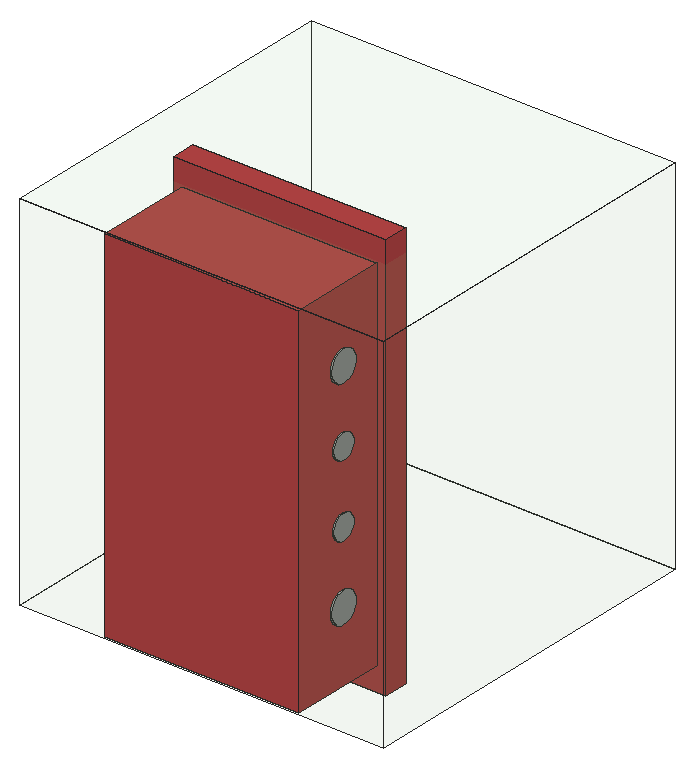
Revit family "ZETA_Коробка_Клемная_КМ 43-20_IP43", category Электрические приборы, Revit 2021
Family settings
  Сохранять ориентацию аннотаций = Нет
  Размер круглого соединителя = Использовать диаметр
  Тип детали = Нормальный
  На основе рабочей плоскости = Да
  Всегда вертикально = Нет
  При загрузке вырезать с полостями = Нет
  Общий = Нет
  Точка принадлежности помещению = Да
Parameters (values of type "43-20_IP43")
  УГО_Ширина = 10 mm
  УГО_Смещение_Х [instance] = 0 mm
  УГО_Смещение_Y [instance] = 0 mm
  УГО_Высота = 5 mm
  Температура эксплуатации = "от -40°С до +60°С"
  Сечение жил до = "4мм2"
  Сертификат = "RU C-RU.АД84.В.00192/20"
  Потолочное размещение [instance] = no
  Default Elevation = 1219.2 mm
  Описание = "Коробки клеммные соединительные КМ43 и КМ65 предназначены для\r\nсоединения и разветвления силовых электрических цепей и цепей КИПиА,\r\nвыполняемых контрольными и силовыми кабелями с алюминиевыми или медными\r\nжилами сечением 1,5-4мм2."
  Номинальный ток = "до 25A"
  Напряжение постоянного тока = "440 В"
  Напряжение переменного тока = "660 В"
  Крышка_Ширина = 160 mm
  Крышка_Длина = 190 mm
  Климатическое исполнение = "У3"
  Изготовитель = "АО «ЗЭТА»"  # constant formula
  Изготавливается по = "ТУ 27.33.13.120-047-99856433-2020"
  URL = "https://nzeta.ru/"
  D3 = 20 mm
  D2 = 32 mm
  D1 = 25 mm
  В_УГО_Смещение_У [instance] = УГО_Смещение_Y + 2000 mm  # 2000 mm
  В_УГО_Смещение_X [instance] = УГО_Смещение_Х + 2000 mm  # 2000 mm
  ADSK_Ток = 0 A
  ADSK_Степень защиты_IP = "IP43"
  ADSK_Размер_Ширина = 175 mm
  ADSK_Размер_УголПоворота [instance] = if(Потолочное размещение, -90.00°, 180.00°)  # 180.00°
  ADSK_Размер_Длина = 336 mm
  ADSK_Размер_Высота = 100 mm
  ADSK_Примечание [instance] = ""
  ADSK_Полная мощность = 0 VA
  ADSK_Позиция [instance] = ""
  ADSK_Обозначение = "KK"
  ADSK_Номинальная мощность = 0 W
  ADSK_Номер стояка = ""
  ADSK_Номер линии = 0
  ADSK_Напряжение = 230 V
  ADSK_Наименование краткое = "КМ 43-20"
  ADSK_Наименование = "Коробка монтажная КМ 43-20 У3 IP43  ступенчатый ПВХ ввод ГОФРОМАТИК"
  ADSK_Материал наименование = "Сталь оцинкованная"
  ADSK_Масса_Текст = "1,8"
  ADSK_Масса = 1.8
  ADSK_Марка = "КК КМ 43-20 У3 IP43"
  ADSK_Коэффициент мощности = 1
  ADSK_Количество фаз числовое = 1
  ADSK_Количество фаз = 1
  ADSK_Количество = 1
  ADSK_Код изделия = "zeta30339"
  ADSK_Классификация нагрузок = Прочее
  ADSK_Завод-изготовитель = "АО «ЗЭТА»"  # constant formula
  ADSK_Единица измерения = "шт"  # constant formula
  ADSK_Версия семейства = "v.1"  # constant formula
  ADSK_Версия Revit = "2021"
  ADSK_URL страницы изделия = "https://nzeta.ru/catalog/?q=zeta30339"
  ADSK_URL документации изделия = "https://nzeta.ru/upload/uf/b07/ez5fyhqcbw18x8xhi5tj16wjdpmgnels/passport.pdf"
Reference planes
  plane 1 "По центру (Вперед/Назад)": y = 0
  plane 2: z = 0
  plane 3 "По центру (Влево/Вправо)": x = 0
  plane 4: x = -2000
  plane 5: y = -2000
  plane 6: x = 0
  plane 7: y = 0
Lines and regions (mm)
  reference lines
    curve 1: line (0, 0, 0) -> (0, 0, -180)
    curve 2: line (0, 0, 0) -> (0, 140, 0)
Dimensions and locks
  "В_УГО_Смещение_X": plane 4 to plane 6
  "В_УГО_Смещение_У": plane 7 to plane 5
  angle curve 2 to curve 1 = 90.00°
  "ADSK_Размер_УголПоворота": angle plane 1 "По центру (Вперед/Назад)" to curve 1
  aligned and locked: level to plane 2
  aligned and locked: plane 6 to nested 1
  aligned and locked: nested 1 to plane 7
  aligned and locked: plane 2 to curve 2
  aligned and locked: plane 1 "По центру (Вперед/Назад)" to curve 1
  aligned and locked: nested 2 to curve 2
Nested families
  nested 1: "УГО_Клеменная_Коробка_(GenAnn)" at (0, 0, 0), УГО_Высота <- "УГО_Высота", УГО_Длина <- "УГО_Ширина", ADSK_Обозначение <- "ADSK_Обозначение", ADSK_Степень защиты_IP <- "ADSK_Степень защиты_IP", type "УГО_Клеменная_Коробка_(GenAnn)", detail levels coarse+medium
    with УГО_Длина 10 mm, УГО_Высота 5 mm, ADSK_Степень защиты_IP "IP43", ADSK_Обозначение "KK"
  nested 2: "ZETA_Коробка_Клемная_КМ 43-20_IP43_Геометрия" at (0, 0, 0) x (0, 0, -1) z (0, 1, 0), type "43-20", detail levels medium+fine
  nested 3: "Zeta_Зона обслуживания" at (0, 0, 0) x (-1, 0, 0) z (0, 0, -1), type "Зона обслуживания_Куб", detail levels medium+fine
    with Зона обслуживания_Ширина 300 mm, Зона обслуживания_Длина 300 mm, Зона обслуживания_Высота 300 mm
Connectors
  cabletrayconduit at (-81.999, 43.588, 88.893), diameter 32, driven by "D2"
    settings: on nested 2, index 2, connector width 300 mm, connector height 300 mm, connector angle 0.00°, system type 32, placement type 0, profile type 0, connector reference index -1, is primary connector yes, connector utility param no, connector description ""
  cabletrayconduit at (-81.999, 43.588, 0), diameter 25, driven by "D1"
    settings: on nested 2, index 3, connector width 300 mm, connector height 300 mm, connector angle 0.00°, system type 32, placement type 0, profile type 0, connector reference index -1, is primary connector no, connector utility param no, connector description ""
  cabletrayconduit at (-81.999, 43.588, -88.893), diameter 32, driven by "D2"
    settings: on nested 2, index 4, connector width 300 mm, connector height 300 mm, connector angle 0.00°, system type 32, placement type 0, profile type 0, connector reference index -1, is primary connector no, connector utility param no, connector description ""
  electrical at (0, 0, 0), driven by "ADSK_Количество фаз", driven by "ADSK_Классификация нагрузок", driven by "ADSK_Напряжение", driven by "ADSK_Полная мощность", driven by "ADSK_Коэффициент мощности"
    settings: on nested 2, index 5, voltage 230 V, apparent load 0 VA, apparent load phase1 0 VA, apparent load phase2 0 VA, apparent load phase3 0 VA, power factor 1, load classification "Прочее", number of poles 1, system type 30, power factor state 1, is connector primary yes, connector utility no, sub classification motor no, connector description ""
  cabletrayconduit at (81.928, 43.588, 89.057), diameter 25, driven by "D1"
    settings: on nested 2, index 7, connector width 300 mm, connector height 300 mm, connector angle 0.00°, system type 32, placement type 0, profile type 0, connector reference index -1, is primary connector no, connector utility param no, connector description ""
  cabletrayconduit at (81.928, 43.588, -89.057), diameter 25, driven by "D1"
    settings: on nested 2, index 8, connector width 300 mm, connector height 300 mm, connector angle 0.00°, system type 32, placement type 0, profile type 0, connector reference index -1, is primary connector no, connector utility param no, connector description ""
  cabletrayconduit at (81.928, 43.588, 29.686), diameter 20, driven by "D3"
    settings: on nested 2, index 9, connector width 300 mm, connector height 300 mm, connector angle 0.00°, system type 32, placement type 0, profile type 0, connector reference index -1, is primary connector no, connector utility param no, connector description ""
  cabletrayconduit at (81.928, 43.588, -29.686), diameter 20, driven by "D3"
    settings: on nested 2, index 10, connector width 300 mm, connector height 300 mm, connector angle 0.00°, system type 32, placement type 0, profile type 0, connector reference index -1, is primary connector no, connector utility param no, connector description ""
Definition of nested family "ZETA_Коробка_Клемная_КМ 43-20_IP43_Геометрия"
  Parameters (values of type "65-20")
    Привязки_Штуцер = 177.786 mm
    Default Elevation = 1219.2 mm
    Основание_Ширина = ADSK_Размер_Ширина * 0.9142  # 159.985 mm
    Основание_Длина = ADSK_Размер_Длина * 0.8835  # 296.856 mm
    Manufacturer = "АО \"ЗЭТАРУС\""
    D3 = 20 mm
    D2 = 32 mm
    D1 = 25 mm
    ADSK_Размер_Ширина = 175 mm
    ADSK_Размер_Длина = 336 mm
    ADSK_Размер_Высота = 100 mm
  Reference planes
    plane 1 "По центру (Вперед/Назад)": y = 0
    plane 2: z = 0
    plane 3 "По центру (Влево/Вправо)": x = 0
    plane 4: x = -148.428
    plane 5: x = 148.428
    plane 6: y = -79.992
    plane 7: y = 79.993
    plane 8: x = -168
    plane 9: y = -87.5
    plane 10: x = 168
    plane 11: y = 87.5
    plane 12: z = 100
    plane 13: z = 79.822
    plane 14: y = -57.269
    plane 15: y = 57.269
    plane 16: z = 43.588
    plane 17: y = -81.999
    plane 18: y = 81.928
    plane 19: x = -88.893
    plane 20: x = 88.893
    plane 21: x = -29.686
    plane 22: x = -89.057
    plane 23: x = 29.686
    plane 24: x = 89.057
  Forms (mm)
    Extrusion 1, solid
      sketch origin (0, 0, 0) x (1, 0, 0) y (0, 1, 0)
        loop
          line (-148.428, 79.993) -> (-148.428, -79.992) -> (148.428, -79.992) -> (148.428, 79.993) -> (-148.428, 79.993)
      from 0 to 79.822
    Extrusion 2, solid
      sketch origin (0, 0, 0) x (1, 0, 0) y (0, 1, 0)
        loop
          line (-168, 87.5) -> (-168, -87.5) -> (168, -87.5) -> (168, 87.5) -> (-168, 87.5)
      from 100 to 79.822
    Extrusion 3, solid
      sketch origin (0, 0, 0) x (1, 0, 0) y (0, 0, 1)
        loop
          circle (-88.893, 43.588) r 16
      from 79.992 to 81.999
    Extrusion 4, solid
      sketch origin (43.5, 0, 0) x (1, 0, 0) y (0, 0, 1)
        loop
          circle (-43.5, 43.588) r 12.5
      from 81.999 to 79.992
    Extrusion 5, solid
      sketch origin (117, 0, 0) x (1, 0, 0) y (0, 0, 1)
        loop
          circle (-28.107, 43.588) r 16
      from 81.999 to 79.992
    Extrusion 6, solid
      sketch origin (85.899, 167.006, 14.478) x (1, 0, 0) y (0, 0, 1)
        loop
          circle (-115.585, 29.11) r 10
      from 85.079 to 87.014
    Extrusion 7, solid
      sketch origin (26.528, 167.006, 14.478) x (1, 0, 0) y (0, 0, 1)
        loop
          circle (-115.585, 29.11) r 12.5
      from 85.079 to 87.014
    Extrusion 8, solid
      sketch origin (145.27, 167.006, 14.478) x (1, 0, 0) y (0, 0, 1)
        loop
          circle (-115.585, 29.11) r 10
      from 85.079 to 87.014
    Extrusion 9, solid
      sketch origin (204.642, 167.006, 14.478) x (1, 0, 0) y (0, 0, 1)
        loop
          circle (-115.585, 29.11) r 12.5
      from 85.079 to 87.014
  Dimensions and locks
    equal spacing: plane 4, plane 3 "По центру (Влево/Вправо)", plane 5
    equal spacing: plane 7, plane 1 "По центру (Вперед/Назад)", plane 6
    "Основание_Ширина": plane 7 to plane 6
    "Основание_Длина": plane 4 to plane 5
    equal spacing: plane 11, plane 1 "По центру (Вперед/Назад)", plane 9
    equal spacing: plane 8, plane 3 "По центру (Влево/Вправо)", plane 10
    "ADSK_Размер_Ширина": plane 11 to plane 9
    "ADSK_Размер_Длина": plane 8 to plane 10
    "ADSK_Размер_Высота": plane 12 to level
    locked: plane 6 to plane 17 at 2.006
    locked: plane 18 to plane 7 at 1.935
    equal spacing: plane 19, plane 3 "По центру (Влево/Вправо)", plane 20
    equal spacing: plane 4, plane 22, plane 21, plane 23, plane 24, plane 5
    "Привязки_Штуцер": plane 19 to plane 20
    "D2": diameter of Extrusion 3 sketch curve
    "D1": diameter of Extrusion 4 sketch curve
    "D2": diameter of Extrusion 5 sketch curve
    "D3": diameter of Extrusion 6 sketch curve
    "D1": diameter of Extrusion 7 sketch curve
    "D3": diameter of Extrusion 8 sketch curve
    "D1": diameter of Extrusion 9 sketch curve
    aligned and locked: level to plane 2
    aligned and locked: Extrusion 1 sketch curve to plane 7
    aligned and locked: plane 4 to Extrusion 1 sketch curve
    aligned and locked: plane 6 to Extrusion 1 sketch curve
    aligned and locked: Extrusion 1 sketch curve to plane 5
    aligned and locked: Extrusion 2 sketch curve to plane 11
    aligned and locked: plane 8 to Extrusion 2 sketch curve
    aligned and locked: plane 9 to Extrusion 2 sketch curve
    aligned and locked: Extrusion 2 sketch curve to plane 10
    aligned and locked: Extrusion 2 to plane 13
    aligned and locked: Extrusion 1 to Extrusion 2
    aligned and locked: plane 16 to Extrusion 3 sketch curve
    aligned and locked: plane 6 to Extrusion 3
    aligned and locked: Extrusion 3 to plane 17
    aligned and locked: plane 18 to Extrusion 6
    aligned and locked: Extrusion 6 to plane 7
    aligned and locked: Extrusion 4 to Extrusion 1
    aligned and locked: Extrusion 4 to plane 17
    aligned and locked: Extrusion 5 to Extrusion 1
    aligned and locked: Extrusion 5 to plane 17
    aligned and locked: plane 19 to Extrusion 3 sketch curve
    aligned and locked: plane 20 to Extrusion 5 sketch curve
    aligned and locked: plane 16 to Extrusion 5 sketch curve
    aligned and locked: plane 16 to Extrusion 6 sketch curve
    aligned and locked: plane 21 to Extrusion 6 sketch curve
  Automatic sketch dimensions
    Extrusion 4 sketch curve to plane 3 "По центру (Влево/Вправо)" = 0 mm
    Extrusion 4 sketch curve to plane 16 = 0 mm
    Extrusion 7 sketch curve to plane 16 = 0 mm
    Extrusion 7 sketch curve to plane 22 = 0 mm
    Extrusion 8 sketch curve to plane 16 = 0 mm
    Extrusion 8 sketch curve to plane 23 = 0 mm
    Extrusion 9 sketch curve to plane 16 = 0 mm
    Extrusion 9 sketch curve to plane 24 = 0 mm
Definition of nested family "Zeta_Зона обслуживания"
  Parameters (values of type "Зона обслуживания_Куб")
    Default Elevation = 1219.2 mm
    Зона обслуживания_Ширина [instance] = 300 mm
    Зона обслуживания_Длина [instance] = 300 mm
    Зона обслуживания_Высота [instance] = 300 mm
  Reference planes
    plane 1 "По центру (Вперед/Назад)": y = 0
    plane 2: z = 0
    plane 3 "По центру (Влево/Вправо)": x = 0
    plane 4: x = -150
    plane 5: x = 150
    plane 6: y = 300
    plane 7: z = 150
    plane 8: z = -150
  Forms (mm)
    Extrusion 1, solid
      sketch origin (0, 0, 0) x (1, 0, 0) y (0, 1, 0)
        loop
          line (-150, 300) -> (-150, 0) -> (150, 0) -> (150, 300) -> (-150, 300)
      from -150 to 150
  Dimensions and locks
    equal spacing: plane 4, plane 3 "По центру (Влево/Вправо)", plane 5
    "Зона обслуживания_Ширина": plane 6 to plane 1 "По центру (Вперед/Назад)"
    "Зона обслуживания_Длина": plane 4 to plane 5
    equal spacing: plane 7, level, plane 8
    "Зона обслуживания_Высота": plane 7 to plane 8
    aligned and locked: level to plane 2
    aligned and locked: Extrusion 1 sketch curve to plane 6
    aligned and locked: plane 4 to Extrusion 1 sketch curve
    aligned and locked: Extrusion 1 sketch curve to plane 5
    aligned and locked: Extrusion 1 to plane 8
    aligned and locked: plane 7 to Extrusion 1
    aligned and locked: plane 1 "По центру (Вперед/Назад)" to Extrusion 1
  Automatic sketch dimensions
    plane 1 "По центру (Вперед/Назад)" to Extrusion 1 sketch curve = 0 mm
Definition of nested family "УГО_Клеменная_Коробка_(GenAnn)"
  Parameters (values of type "УГО_Клеменная_Коробка_(GenAnn)")
    УГО_Длина [instance] = 10 mm
    УГО_Высота [instance] = 5 mm
    ADSK_Степень защиты_IP [instance] = ""
    ADSK_Обозначение [instance] = ""
  Reference planes
    plane 1: y = 0
    plane 2: x = 0
  Lines and regions (mm)
    Filled region 1, type "Filled region 1"
      outline origin (0, 0, 0) x (1, 0, 0) y (0, 1, 0)
        loop
          line (-5, 2.5) -> (-5, -2.5) -> (5, -2.5) -> (5, 2.5) -> (-5, 2.5)
    reference lines
      curve 1: line (-5, 2.5, 0) -> (-5, -2.5, 0)
      curve 2: line (-5, -2.5, 0) -> (5, -2.5, 0)
      curve 3: line (5, 2.5, 0) -> (5, -2.5, 0)
      curve 4: line (-5, 2.5, 0) -> (5, 2.5, 0)
  Text (mm)
    label "KK IP 54" at (0.033, -0.03, 0), shows "ADSK_Обозначение", "ADSK_Степень защиты_IP"
  Dimensions and locks
    equal spacing: curve 1, plane 2, curve 3
    equal spacing: curve 2, plane 1, curve 4
    "УГО_Длина": curve 1 to curve 3
    "УГО_Высота": curve 2 to curve 4
    aligned and locked: Filled region 1 sketch curve to curve 4
    aligned and locked: Filled region 1 sketch curve to curve 1
    aligned and locked: Filled region 1 sketch curve to curve 2
    aligned and locked: Filled region 1 sketch curve to curve 3
